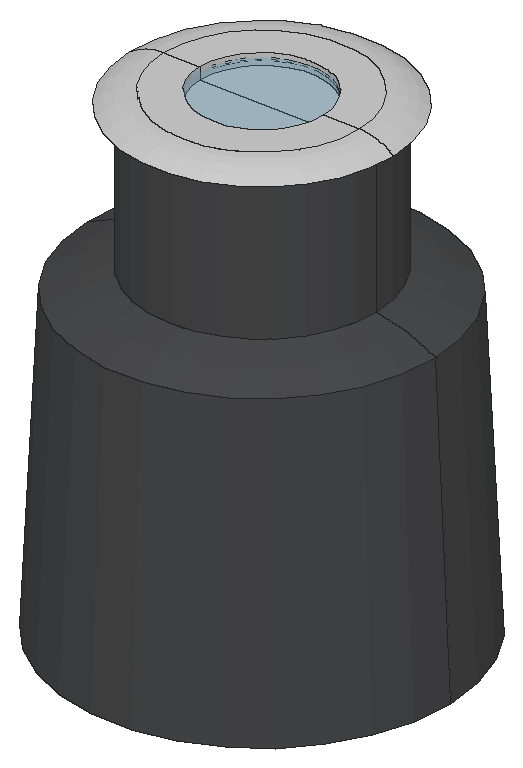
Revit family "INGROUND 2W SIMETRICA_LKB0116WW.45", category Luminarias, Revit 2019
Family settings
  Cota de conector redondo = Diámetro de uso
  Tipo de pieza = Normal
  Se basa en plano de trabajo = Sí
  Siempre vertical = No
  Corte con vacíos al cargar = No
  Origen de luz = Sí
  Compartido = No
  Punto de cálculo de habitación = No
Parameters (values of type "EMP_LKB0116WW.45")
  Ángulo de inclinación = 30.00°
  Ángulo de enfoque = 45.00°
  Ángulo de campo de foco = 45.00°
  Zone [instance] = ""
  Watt per fixture = 3
  Wattage = 3 W
  built-in parameter 1150107 = 3000 (stored number, unit not read)
  built-in parameter 1150110 = 1 (stored number, unit not read)
  built-in parameter 1150109 = 1 (stored number, unit not read)
  built-in parameter 1150112 = 1 (stored number, unit not read)
  built-in parameter 1150113 = 1 (stored number, unit not read)
  built-in parameter 1114218 = 1 (stored number, unit not read)
  Keynote = ""
  built-in parameter 1150137 = (empty or 0)
  built-in parameter 1150132 = (empty or 0)
  Modelo = "LKB0116WW.45"
  Lámpara = "OSRAM"
  Longitud de símbolo de origen de luz = 500 mm
  built-in parameter 1150105 = 412.56 (stored number, unit not read)
  built-in parameter 1150102 = (empty or 0)
  built-in parameter 1150106 = 4.1256 (stored number, unit not read)
  Lumens = 142.98 lm
  Color Filter = 16777215
  built-in parameter 1114217 = 1 (stored number, unit not read)
  built-in parameter 1150139 = (empty or 0)
  Fabricante = "BRILLANT"
  Default Elevation = 0 mm
  built-in parameter 1150104 = 4.4278 (stored number, unit not read)
  Descripción = "LUMINARIA TIPO CIRCULAR PARA EMPOTRAR EN PISO CON CUERPO DE ALUMINIO FUNDIDO A PRESION CUBIERTO CON POLVO GRIS OSCURO, CON CUBIERTA DE ACERO INOXIDABLE Y VIDRIO TEMPLADO DE 7MM, HOUSING TIPO ABS DE 48MM DE DIAMETRO Y 98MM DE PROFUNDO. CUENTA CON 1 LED OSRAM CON UNA POTENCIA TOTAL DE 3W, A UNA TEMPERATURA EN BLANCO CALIDO DE 3000K CON 143 LUMENES, 47mA EN CORRIENTE DE OPERACIÓN, IP67, IK08, IRC 80, DISPONIBLE PARA ATENUAR EN TRIAC (OPCIONAL), APERTURA EN 45 GRADOS POR PROYECTO, ALIMENTADA A 100-240V"
  built-in parameter 1150115 = 1 (stored number, unit not read)
  built-in parameter 1150114 = 1 (stored number, unit not read)
  Comentarios de vataje = "100-240V"
  built-in parameter 1150138 = (empty or 0)
  built-in parameter 1150134 = (empty or 0)
  Circuit [instance] = ""
  Dimming Lamp Color Temperature Shift = (empty or 0)
  built-in parameter 1150133 = 10 (stored number, unit not read)
Reference planes
  plane 1 "Centro (Frontal/Posterior)": y = 0
  plane 2: z = 0
  plane 3 "Centro (Izquierda/Derecha)": x = 0
  plane 4: z = -98
  plane 5: x = -653.678
  plane 6: x = 600
  plane 7: z = -77
  plane 8: z = -80
  plane 9: z = -35
Forms (mm)
  Revolve 1, solid, material "Acero Inoxidable"
    sketch origin (0, 0, 0) x (1, 0, 0) y (0, 0, 1)
      loop
        line (-12.813, 2.379) -> (-20.307, 2.379)
        arc (-20.307, 2.379) -> (-24.095, 1.769) -> (-27.5, 0) r 12.065
        line (-27.5, 0) -> (-15.59, 0) -> (-15.59, -8.098)
        arc (-15.59, -8.098) -> (-14.091, -9.597) -> (-15.59, -11.095) r 1.499
        line (-15.59, -11.095) -> (-15.59, -19.348)
        arc (-15.59, -19.348) -> (-14.091, -20.847) -> (-15.59, -22.345) r 1.499
        line (-15.59, -22.345) -> (-15.59, -24.348)
        arc (-15.59, -24.348) -> (-14.091, -25.847) -> (-15.59, -27.345) r 1.499
        line (-15.59, -27.345) -> (-15.59, -80.004) -> (0, -80.004) -> (0, 0) -> (-12.813, 0) -> (-12.813, 2.379)
      axis (0, 2.379) -> (0, -80.004)
    angle from 0 to 360
  Extrusion 2, solid, material "Cristal"
    sketch origin (0, 0, 0) x (1, 0, 0) y (0, 1, 0)
      loop
        circle (0, 0) r 12.813
    from 0.921 to 1.499
  Extrusion 3, solid, material "Plastico"
    sketch origin (0, 0, 0) x (1, 0, 0) y (0, 1, 0)
      loop
        circle (0, 0) r 5
    from -82.702 to -80.004
  Revolve 4, solid, material "Plastico"
    sketch origin (0, 0, 0) x (1, 0, 0) y (0, 0, 1)
      loop
        line (-20.611, -0.047) -> (-24, -0.047) -> (-24, -30.282)
        arc (-24, -30.282) -> (-30.248, -32.029) -> (-36.19, -34.633) r 46.304
        line (-36.19, -34.633) -> (-39.253, -98) -> (0, -98) -> (0, -95.6) -> (-29.843, -95.6) -> (-29.843, -39.979)
        arc (-29.843, -39.979) -> (-25.307, -38.266) -> (-20.611, -37.064) r 43.904
        line (-20.611, -37.064) -> (-20.611, -0.047)
      axis (0, -0.047) -> (0, -98)
    angle from 0 to 360
Dimensions and locks
  plane 2 to plane 4 = 98 mm
  level to plane 4 = 98 mm
  level to plane 7 = 77 mm
  plane 2 to plane 8 = 80 mm
  level to plane 9 = 35 mm
  plane 3 "Centro (Izquierda/Derecha)" to Revolve 4 sketch curve = 24 mm
  plane 3 "Centro (Izquierda/Derecha)" to Revolve 1 sketch curve = 27.5 mm
  aligned and locked: level to plane 2
Connectors
  electrical at (0, 0, -98)
    settings: on Revolve 4, index 1, voltage 240 V, apparent load 0 VA, apparent load phase1 0 VA, apparent load phase2 0 VA, apparent load phase3 0 VA, power factor 1, load classification "Otro", number of poles 1, system type 31, power factor state 1, is connector primary yes, connector utility no, sub classification motor no, connector description ""
